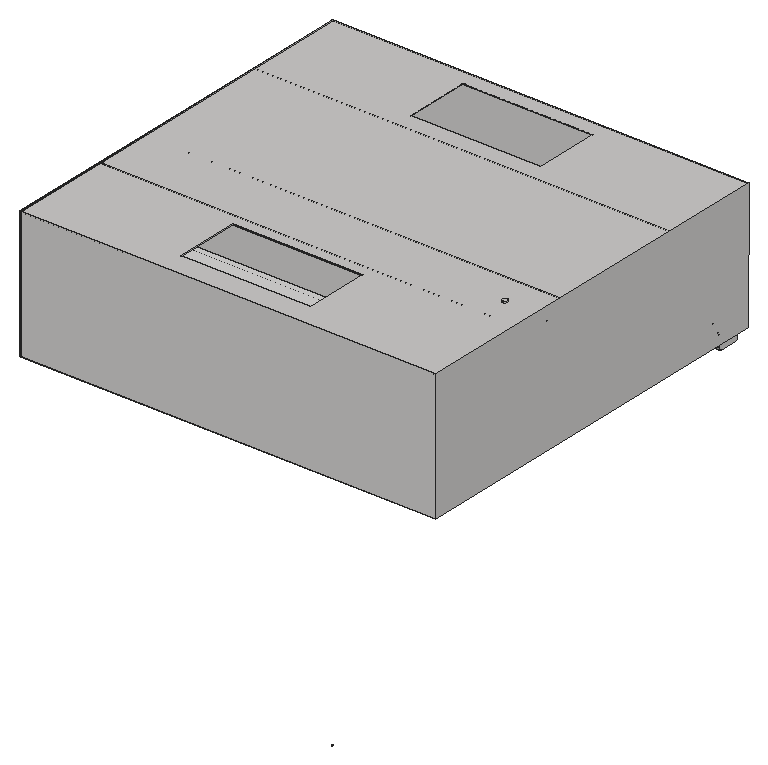
Revit family "QF_ELECTROLUXPROFESSIONAL_641258_STPF1516", category Attrezzature speciali, Revit 2021
Family settings
  Quota connettore circolare = Usa diametro
  Tipo di parte = Normale
  Basato su piano di lavoro = No
  Sempre verticale = Sì
  Taglio con vuoti quando caricato = No
  Condiviso = No
  Punto di calcolo locali = No
Parameters (values of type "Standard")
  Weight = 117.00 kg
  Watts = 160 W
  Volts = 220 V
  URL Manufacturer = "https://www.electroluxprofessional.com/"
  URL = "https://www.electroluxprofessional.com/"
  Steam Supply Size = 0 mm
  Steam Supply Minimum Pressure = 0.0 Pa
  Steam Supply Maximum Pressure = 0.0 Pa
  Steam Consumption per Hour = 0
  Refrigeration Suction Line Size = 0 mm
  Refrigeration Liquid Line Size = 0 mm
  Refrigerant Compressor Remote = yes
  Prospetto di default = 0 mm
  Produttore = "Electrolux Professional"
  Phase = 1
  Modello = "STPF1516"
  Length Actual = 1600 mm  # constant formula
  Item Number = "641258"
  Hot Water Size = 0 mm
  Height Actual = 500 mm  # constant formula
  HP = "0.2 HP"
  Gas Size = 0 mm
  Gas KW = 0
  Gas Input Pressure = 0 W
  Direct Waste Size = 0 mm
  Descrizione = "304 S/S WALL HOOD+FILTER+LAMPS 1600X1500"
  Depth Actual = 1500 mm  # constant formula
  Cycle = 50 Hz
  Condensate Return Size = 0 mm
  Compressed Air Volume = 0.0 L/s
  Compressed Air Size = 0 mm
  Compressed Air Pressure = 0.0 Pa
  Cold Water Size = 0 mm
  Accessory = yes
Reference planes
  plane 1: z = 0
  plane 2 "Center (Left/Right)": x = 150
  plane 3 "LEFT": x = -650
  plane 4 "RIGHT": x = 950
  plane 5 "BACK": y = 550
  plane 6 "TOP": z = 2500
  plane 7 "Base": z = 2000
  plane 8: z = 1955
  plane 9 "DrainY": y = 490
  plane 10: x = -647
  plane 11 "DrainX": x = 830
  plane 12 "AOLeft2": x = 400
  plane 13: x = 947
  plane 14: x = -450
  plane 15: x = 750
  plane 16 "Center (Front/Back)": y = -100
  plane 17 "Front": y = -950
  plane 18 "AOLeft1": x = -100
  plane 19: y = -864
  plane 20: y = -614
  plane 21: y = 240
  plane 22: y = 490
  plane 23 "EI_y": y = -470
  plane 24 "EIx": x = 830
Forms (mm)
  Extrusion 1, solid, material "QF_Finishes_Stainless Steel"
    sketch origin (-650, 0, 360) x (0, 1, 0) y (0, 0, 1)
      loop
        line (550, 1640) -> (550, 2140) -> (-950, 2140) -> (-950, 1640) -> (550, 1640)
    from 0 to 3
  Extrusion 2, solid, material "QF_Finishes_Stainless Steel"
    sketch origin (950, 0, 360) x (0, 1, 0) y (0, 0, 1)
      loop
        line (550, 1640) -> (550, 2140) -> (-950, 2140) -> (-950, 1640) -> (550, 1640)
    from 0 to -3
  Extrusion 3, solid, material "QF_Finishes_Stainless Steel"
    sketch origin (150, 0, 360) x (0, 1, 0) y (0, 0, 1)
      loop
        line (-950, 2140) -> (-950, 1640) -> (-940, 1640) -> (-940, 1640.8) -> (-949.2, 1640.8) -> (-949.2, 2139.19) -> (549.2, 2139.19) -> (549.2, 1640.8) -> (540, 1640.8) -> (540, 1640) -> (550, 1640) -> (550, 2140) -> (-950, 2140)
    from -800 to 800
  Extrusion 4, solid, material "QF_Finishes_Stainless Steel"
    sketch origin (0, 0, 2000) x (0, 1, 0) y (-1, 0, 0)
      loop
        circle (490, -830) r 4.763
    from -30 to 0
  Extrusion 5, void
    sketch origin (0, 0, 2500) x (0, 1, 0) y (-1, 0, 0)
      loop
        line (-614, -400) -> (-614, 100) -> (-864, 100) -> (-864, -400) -> (-614, -400)
    from 0 to -10
  Extrusion 6, solid, material "QF_Finishes_Stainless Steel"
    sketch origin (0, 0, 0) x (1, 0, 0) y (0, 1, 0)
      loop
        line (-650, 550) -> (-650, 549) -> (-649, 549) -> (-649, 550) -> (-650, 550)
    from 0 to 1
  Extrusion 7, solid, material "QF_LAMPS"
    sketch origin (150, 0, 360) x (0, 1, 0) y (0, 0, 1)
      loop
        line (-572.823, 1962.324) -> (-418.948, 2086.929) -> (-427.129, 2097.032) -> (-581.003, 1972.426) -> (-572.823, 1962.324)
    from 797 to -797
  Sweep 8, solid, material "QF_Finishes_Stainless Steel"
    path origin (0, 0, 0) x (1, 0, 0) y (0, 1, 0)
      loop
        line (950, 550) -> (-650, 550) -> (-650, -950) -> (950, -950) -> (950, 550)
    profile origin (950, -200, 0) x (1, 0, 0) y (0, 0, 1)
      loop
        line (-3, 2000) -> (-3, 2000.8) -> (-19, 2000.8) -> (-19, 2010) -> (-20, 2010) -> (-20, 2000) -> (-3, 2000)
  Extrusion 9, solid, material "QF_Finishes_Stainless Steel"
    sketch origin (150, 0, 0) x (0, 1, 0) y (0, 0, 1)
      loop
        line (414.66, 2095.469) -> (440.643, 2110.471) -> (261.744, 2411.771) -> (235.948, 2396.455) -> (414.66, 2095.469)
    from -797 to -600
  Extrusion 10, solid, material "QF_Finishes_Stainless Steel"
    sketch origin (830, 0, 0) x (0, 1, 0) y (0, 0, 1)
      loop
        line (539, 2000) -> (441, 2000) -> (441, 1989) -> (448.5, 1989) -> (448.5, 1965)
        arc (448.5, 1965) -> (451.429, 1957.929) -> (458.5, 1955) r 10
        line (458.5, 1955) -> (521.5, 1955)
        arc (521.5, 1955) -> (528.571, 1957.929) -> (531.5, 1965) r 10
        line (531.5, 1965) -> (531.5, 1989) -> (539, 1989) -> (539, 2000)
    from 90 to -90
  Extrusion 11, solid, material "QF_Finishes_Stainless Steel"
    sketch origin (150, 0, 0) x (0, 1, 0) y (0, 0, 1)
      loop
        line (414.66, 2095.469) -> (440.643, 2110.471) -> (261.744, 2411.771) -> (235.948, 2396.455) -> (414.66, 2095.469)
    from 600 to 797
  Extrusion 12, solid, material "QF_Finished_Chrome"
    sketch origin (150, 0, 0) x (0, 1, 0) y (0, 0, 1)
      loop
        line (414.66, 2095.469) -> (440.643, 2110.471) -> (261.744, 2411.771) -> (235.948, 2396.455) -> (414.66, 2095.469)
    from -600 to 600
  Extrusion 13, void
    sketch origin (0, 1180, 2500) x (0, 1, 0) y (-1, 0, 0)
      loop
        line (-690, -400) -> (-690, 100) -> (-940, 100) -> (-940, -400) -> (-690, -400)
    from 0 to -10
  Extrusion 14, solid, material "QF_Finishes_Stainless Steel"
    sketch origin (0, 0, 2500) x (0, 1, 0) y (-1, 0, 0)
      loop
        circle (-470, -830) r 10
    from 0 to 1.6
  Extrusion 15, solid, material "QF_Finishes_Stainless Steel"
    sketch origin (150, 0, 360) x (0, 1, 0) y (0, 0, 1)
      loop
        line (430.005, 1640) -> (540, 1640) -> (540, 1640.8) -> (430.467, 1640.8) -> (371.906, 1742.23) -> (414.858, 1734.657) -> (442.266, 1750.481) -> (442.266, 1765.943) -> (441.466, 1765.943) -> (441.466, 1750.943) -> (414.709, 1735.495) -> (321.153, 1751.991) -> (320.875, 1750.416) -> (371.4, 1741.507) -> (430.005, 1640)
      loop
        line (172.529, 2139.19) -> (242.893, 2017.316) -> (245.133, 2018.715) -> (240.13, 2027.381) -> (238.569, 2026.405) -> (173.453, 2139.19) -> (172.529, 2139.19)
    from -797 to 797
  Extrusion 16, solid, material "QF_Finishes_Stainless Steel"
    sketch origin (150, 200.8, 360) x (0, 1, 0) y (0, 0, 1)
      loop
        line (-1150, 2139.19) -> (-1150, 1640) -> (-1086.602, 1640) -> (-999.146, 1690.493) -> (-1010.058, 1709.394) -> (-1066.564, 1676.77) -> (-1114.704, 1680.982) -> (-1149.2, 1730.248) -> (-1149.2, 2139.19) -> (-1150, 2139.19)
      loop
        line (-773.6, 1961.694) -> (-781.937, 1971.99) -> (-769.095, 1982.182) -> (-769.095, 2139.19) -> (-769.895, 2139.19) -> (-769.895, 1982.569) -> (-1082.298, 1734.63) -> (-1071.091, 1720.79) -> (-773.6, 1961.694)
      loop
        line (-627.61, 2099.216) -> (-618.171, 2087.559) -> (-554.411, 2139.19) -> (-555.682, 2139.19) -> (-618.052, 2088.684) -> (-626.989, 2099.719) -> (-627.61, 2099.216)
    from -797 to 797
  Extrusion 17, solid, material "QF_Finishes_Stainless Steel"
    sketch origin (0, 0, 2500) x (0, 1, 0) y (-1, 0, 0)
      loop
        circle (-470, -830) r 10
    from 0 to 1.6
Cuts and joins
  Extrusion 5, Extrusion 13 cuts Extrusion 3
  joined: Extrusion 2, Extrusion 3, Sweep 8
Lines and regions (mm)
  symbolic lines, style "SpecialityEquipment", detail levels coarse
    curve 1: line (950, 550, 2500) -> (-650, 550, 2500)
    curve 2: line (-650, 550, 2500) -> (-650, -950, 2500)
    curve 3: line (950, -950, 2500) -> (950, 550, 2500)
    curve 4: line (-650, 550, 0) -> (950, -950, 0)
    curve 5: line (950, 550, 0) -> (-650, -950, 0)
    curve 6: line (-650, -950, 0) -> (950, -950, 0)
  symbolic lines, detail levels coarse
    curve 7: line (-100, 240, 2500) -> (400, 240, 2500)
    curve 8: line (-100, 490, 2500) -> (-100, 240, 2500)
    curve 9: line (400, 490, 2500) -> (-100, 490, 2500)
    curve 10: line (400, 240, 2500) -> (400, 490, 2500)
    curve 11: line (-100, -614, 2500) -> (400, -614, 2500)
    curve 12: line (-100, -864, 2500) -> (-100, -614, 2500)
    curve 13: line (400, -864, 2500) -> (-100, -864, 2500)
    curve 14: line (400, -614, 2500) -> (400, -864, 2500)
Dimensions and locks
  plane 3 "LEFT" to plane 4 "RIGHT" = 1600 mm
  equal spacing: plane 3 "LEFT", plane 2 "Center (Left/Right)", plane 4 "RIGHT"
  plane 7 "Base" to plane 8 = 45 mm
  plane 5 "BACK" to plane 9 "DrainY" = 60 mm  (x2)
  plane 3 "LEFT" to plane 10 = 3 mm
  plane 11 "DrainX" to plane 4 "RIGHT" = 120 mm
  plane 13 to plane 4 "RIGHT" = 3 mm
  plane 3 "LEFT" to plane 14 = 200 mm
  plane 15 to plane 4 "RIGHT" = 200 mm
  locked: plane 7 "Base" to level at 2000
  locked: plane 6 "TOP" to plane 7 "Base" at 500
  locked: plane 18 "AOLeft1" to plane 12 "AOLeft2" at 500
  locked: plane 20 to plane 19 at 250
  locked: plane 19 to plane 17 "Front" at 86
  locked: plane 22 to plane 21 at 250
  locked: plane 5 "BACK" to plane 22 at 60
  locked: plane 23 "EI_y" to plane 17 "Front" at 480
  locked: plane 24 "EIx" to plane 4 "RIGHT" at 120
  locked: plane 5 "BACK" to plane 17 "Front" at 1500
  plane 5 "BACK" to plane 17 "Front" = 1500 mm
  equal spacing: plane 18 "AOLeft1", plane 2 "Center (Left/Right)", plane 12 "AOLeft2"
  aligned and locked: level to plane 1
  aligned and locked: plane 4 "RIGHT" to Extrusion 3
  aligned and locked: Extrusion 3 to plane 3 "LEFT"
  aligned and locked: Extrusion 2 to plane 13
  aligned and locked: Extrusion 9 to plane 10
  aligned and locked: Extrusion 5 to plane 18 "AOLeft1"
  aligned and locked: Extrusion 5 to plane 12 "AOLeft2"
  aligned and locked: plane 14 to Extrusion 9
  aligned and locked: plane 15 to Extrusion 11
  aligned and locked: plane 13 to Extrusion 11
  aligned and locked: Extrusion 12 to plane 14
  aligned and locked: Extrusion 12 to plane 15
  aligned and locked: plane 13 to Extrusion 7
  aligned and locked: Extrusion 7 to plane 10
  aligned and locked: Extrusion 13 to plane 21
  aligned and locked: plane 22 to Extrusion 13
  aligned and locked: Extrusion 13 to plane 18 "AOLeft1"
  aligned and locked: Extrusion 13 to plane 12 "AOLeft2"
  aligned and locked: Extrusion 15 to plane 10
  aligned and locked: plane 13 to Extrusion 15
  aligned and locked: Extrusion 5 to plane 19
  aligned and locked: plane 20 to Extrusion 5
  aligned and locked: Extrusion 16 to plane 10
  aligned and locked: plane 13 to Extrusion 16
Automatic sketch dimensions
  curve 6 to plane 3 "LEFT" = 0 mm
  curve 4 to plane 3 "LEFT" = 0 mm
  curve 5 to plane 4 "RIGHT" = 0 mm
  curve 6 to plane 4 "RIGHT" = 0 mm
  curve 4 to plane 17 "Front" = 0 mm
  curve 5 to plane 5 "BACK" = 0 mm
  curve 4 to plane 5 "BACK" = 0 mm
  Extrusion 1 sketch curve to plane 7 "Base" = 0 mm
  Extrusion 1 sketch curve to plane 17 "Front" = 0 mm
  Extrusion 1 sketch curve to plane 5 "BACK" = 0 mm
  Extrusion 1 sketch curve to plane 6 "TOP" = 0 mm
  Extrusion 2 sketch curve to plane 7 "Base" = 0 mm
  Extrusion 2 sketch curve to plane 17 "Front" = 0 mm
  Extrusion 2 sketch curve to plane 5 "BACK" = 0 mm
  Extrusion 2 sketch curve to plane 6 "TOP" = 0 mm
  Extrusion 3 sketch curve to plane 6 "TOP" = 0 mm
  Extrusion 3 sketch curve to plane 17 "Front" = 0 mm
  Extrusion 3 sketch curve to plane 7 "Base" = 0 mm  (x2)
  Extrusion 3 sketch curve to plane 5 "BACK" = 0 mm
  plane 17 "Front" to Extrusion 3 sketch curve = 0.8 mm
  Extrusion 3 sketch curve to Extrusion 3 sketch curve = 9.2 mm
  plane 7 "Base" to Extrusion 3 sketch curve = 0.8 mm  (x2)
  Extrusion 3 sketch curve to plane 5 "BACK" = 10 mm
  Extrusion 3 sketch curve to plane 5 "BACK" = 0.8 mm
  Extrusion 3 sketch curve to plane 6 "TOP" = 0.81 mm
  Extrusion 4 sketch curve to plane 9 "DrainY" = 0 mm
  Extrusion 4 sketch curve to plane 11 "DrainX" = 0 mm
  Extrusion 5 sketch curve to plane 12 "AOLeft2" = 0 mm
  Extrusion 5 sketch curve to plane 19 = 0 mm
  Extrusion 5 sketch curve to plane 20 = 0 mm
  Extrusion 5 sketch curve to plane 18 "AOLeft1" = 0 mm
  Extrusion 6 sketch curve to plane 3 "LEFT" = 0 mm
  Extrusion 6 sketch curve to plane 5 "BACK" = 0 mm
  plane 3 "LEFT" to Extrusion 6 sketch curve = 1 mm
  Extrusion 6 sketch curve to Extrusion 6 sketch curve = 1 mm
  plane 20 to Extrusion 7 sketch curve = 32.997 mm
  Extrusion 7 sketch curve to Extrusion 7 sketch curve = 8.181 mm  (x2)
  plane 23 "EI_y" to Extrusion 7 sketch curve = 42.871 mm
  Extrusion 7 sketch curve to plane 6 "TOP" = 177.676 mm
  Extrusion 7 sketch curve to Extrusion 7 sketch curve = 10.102 mm
  Extrusion 7 sketch curve to plane 6 "TOP" = 53.071 mm
  Extrusion 7 sketch curve to Extrusion 7 sketch curve = 10.103 mm
  Sweep 8 sketch curve to plane 3 "LEFT" = 0 mm
  Sweep 8 sketch curve to plane 4 "RIGHT" = 0 mm
  Sweep 8 sketch curve to plane 17 "Front" = 0 mm
  Sweep 8 sketch curve to plane 5 "BACK" = 0 mm
  profile plane to Sweep 8 sketch curve = 20 mm
  Sweep 8 sketch curve to Sweep 8 sketch curve = 1 mm
  profile plane to Sweep 8 sketch curve = 3 mm
  level to Sweep 8 sketch curve = 2000 mm
  Sweep 8 sketch curve to Sweep 8 sketch curve = 0.8 mm
  Sweep 8 sketch curve to Sweep 8 sketch curve = 9.2 mm
  Extrusion 9 sketch curve to plane 21 = 4.052 mm
  plane 21 to Extrusion 9 sketch curve = 21.744 mm
  Extrusion 9 sketch curve to plane 9 "DrainY" = 75.34 mm
  Extrusion 9 sketch curve to Extrusion 9 sketch curve = 25.983 mm
  plane 7 "Base" to Extrusion 9 sketch curve = 95.469 mm
  Extrusion 9 sketch curve to Extrusion 9 sketch curve = 15.001 mm
  Extrusion 9 sketch curve to plane 6 "TOP" = 103.545 mm
  Extrusion 9 sketch curve to Extrusion 9 sketch curve = 15.316 mm
  Extrusion 10 sketch curve to plane 8 = 0 mm
  Extrusion 10 sketch curve to plane 7 "Base" = 11 mm  (x2)
  Extrusion 10 sketch curve to plane 9 "DrainY" = 49 mm
  Extrusion 10 sketch curve to Extrusion 10 sketch curve = 7.5 mm  (x2)
  Extrusion 10 sketch curve to Extrusion 10 sketch curve = 10 mm
  Extrusion 10 sketch curve to plane 5 "BACK" = 28.5 mm
  Extrusion 10 sketch curve to plane 5 "BACK" = 18.5 mm
  plane 7 "Base" to Extrusion 10 sketch curve = 0 mm
  Extrusion 11 sketch curve to plane 21 = 4.052 mm
  plane 21 to Extrusion 11 sketch curve = 21.744 mm
  Extrusion 11 sketch curve to plane 9 "DrainY" = 75.34 mm
  Extrusion 11 sketch curve to Extrusion 11 sketch curve = 25.983 mm
  plane 7 "Base" to Extrusion 11 sketch curve = 95.469 mm
  Extrusion 11 sketch curve to Extrusion 11 sketch curve = 15.001 mm
  Extrusion 11 sketch curve to plane 6 "TOP" = 103.545 mm
  Extrusion 11 sketch curve to Extrusion 11 sketch curve = 15.316 mm
  Extrusion 12 sketch curve to plane 21 = 4.052 mm
  plane 21 to Extrusion 12 sketch curve = 21.744 mm
  Extrusion 12 sketch curve to plane 9 "DrainY" = 75.34 mm
  Extrusion 12 sketch curve to Extrusion 12 sketch curve = 25.983 mm
  plane 7 "Base" to Extrusion 12 sketch curve = 95.469 mm
  Extrusion 12 sketch curve to Extrusion 12 sketch curve = 15.001 mm
  Extrusion 12 sketch curve to plane 6 "TOP" = 103.545 mm
  Extrusion 12 sketch curve to Extrusion 12 sketch curve = 15.316 mm
  Extrusion 13 sketch curve to plane 12 "AOLeft2" = 0 mm
  Extrusion 13 sketch curve to plane 21 = 0 mm
  Extrusion 13 sketch curve to plane 9 "DrainY" = 0 mm
  Extrusion 13 sketch curve to plane 18 "AOLeft1" = 0 mm
  Extrusion 14 sketch curve to plane 23 "EI_y" = 0 mm
  Extrusion 14 sketch curve to plane 24 "EIx" = 0 mm
  Extrusion 15 sketch curve to plane 7 "Base" = 0 mm
  Extrusion 15 sketch curve to plane 6 "TOP" = 0.81 mm
  Extrusion 15 sketch curve to plane 21 = 67.471 mm
  Extrusion 15 sketch curve to Extrusion 15 sketch curve = 0.924 mm
  Extrusion 15 sketch curve to plane 21 = 1.431 mm
  plane 21 to Extrusion 15 sketch curve = 0.13 mm
  plane 21 to Extrusion 15 sketch curve = 2.893 mm
  Extrusion 15 sketch curve to Extrusion 15 sketch curve = 2.24 mm
  plane 21 to Extrusion 15 sketch curve = 80.875 mm
  Extrusion 15 sketch curve to Extrusion 15 sketch curve = 0.278 mm
  Extrusion 15 sketch curve to Extrusion 15 sketch curve = 50.525 mm
  Extrusion 15 sketch curve to Extrusion 15 sketch curve = 0.506 mm
  Extrusion 15 sketch curve to Extrusion 15 sketch curve = 42.803 mm
  Extrusion 15 sketch curve to Extrusion 15 sketch curve = 0.148 mm
  Extrusion 15 sketch curve to plane 9 "DrainY" = 59.995 mm
  plane 7 "Base" to Extrusion 15 sketch curve = 0.8 mm
  Extrusion 15 sketch curve to Extrusion 15 sketch curve = 0.462 mm  (x2)
  Extrusion 15 sketch curve to Extrusion 15 sketch curve = 109.533 mm
  Extrusion 15 sketch curve to Extrusion 15 sketch curve = 26.757 mm
  Extrusion 15 sketch curve to Extrusion 15 sketch curve = 0.8 mm
  plane 7 "Base" to Extrusion 15 sketch curve = 94.657 mm
  Extrusion 15 sketch curve to Extrusion 15 sketch curve = 0.838 mm
  Extrusion 15 sketch curve to Extrusion 15 sketch curve = 6.012 mm
  Extrusion 15 sketch curve to Extrusion 15 sketch curve = 0.723 mm
  Extrusion 15 sketch curve to Extrusion 15 sketch curve = 14.986 mm
  Extrusion 15 sketch curve to Extrusion 15 sketch curve = 15 mm
  Extrusion 15 sketch curve to plane 6 "TOP" = 122.684 mm
  Extrusion 15 sketch curve to Extrusion 15 sketch curve = 1.399 mm
  Extrusion 15 sketch curve to Extrusion 15 sketch curve = 9.089 mm
  Extrusion 15 sketch curve to Extrusion 15 sketch curve = 0.975 mm
  Extrusion 16 sketch curve to plane 7 "Base" = 0 mm
  plane 17 "Front" to Extrusion 16 sketch curve = 0.8 mm
  Extrusion 16 sketch curve to Extrusion 16 sketch curve = 0.8 mm  (x2)
  plane 17 "Front" to Extrusion 16 sketch curve = 36.096 mm
  Extrusion 16 sketch curve to plane 19 = 21.802 mm
  Extrusion 16 sketch curve to plane 19 = 17.498 mm
  Extrusion 16 sketch curve to plane 19 = 6.291 mm
  Extrusion 16 sketch curve to plane 19 = 1.764 mm
  plane 19 to Extrusion 16 sketch curve = 54.742 mm
  Extrusion 16 sketch curve to Extrusion 16 sketch curve = 10.912 mm
  plane 20 to Extrusion 16 sketch curve = 32.863 mm
  Extrusion 16 sketch curve to Extrusion 16 sketch curve = 8.337 mm
  Extrusion 16 sketch curve to Extrusion 16 sketch curve = 12.042 mm
  plane 23 "EI_y" to Extrusion 16 sketch curve = 43.19 mm
  Extrusion 16 sketch curve to Extrusion 16 sketch curve = 0.622 mm
  Extrusion 16 sketch curve to Extrusion 16 sketch curve = 9.44 mm
  Extrusion 16 sketch curve to Extrusion 16 sketch curve = 0.118 mm
  Extrusion 16 sketch curve to plane 6 "TOP" = 0.81 mm  (x3)
  Extrusion 16 sketch curve to Extrusion 16 sketch curve = 62.37 mm
  Extrusion 16 sketch curve to Extrusion 16 sketch curve = 1.271 mm
  plane 7 "Base" to Extrusion 16 sketch curve = 36.77 mm
  plane 7 "Base" to Extrusion 16 sketch curve = 40.982 mm
  plane 7 "Base" to Extrusion 16 sketch curve = 50.493 mm
  Extrusion 16 sketch curve to Extrusion 16 sketch curve = 18.901 mm
  Extrusion 16 sketch curve to Extrusion 16 sketch curve = 44.02 mm
  Extrusion 16 sketch curve to Extrusion 16 sketch curve = 49.266 mm
  Extrusion 16 sketch curve to Extrusion 16 sketch curve = 13.84 mm
  Extrusion 16 sketch curve to plane 6 "TOP" = 178.306 mm
  Extrusion 16 sketch curve to Extrusion 16 sketch curve = 10.296 mm
  Extrusion 16 sketch curve to Extrusion 16 sketch curve = 10.192 mm
  Extrusion 16 sketch curve to Extrusion 16 sketch curve = 0.386 mm
  Extrusion 16 sketch curve to plane 6 "TOP" = 52.441 mm
  Extrusion 16 sketch curve to Extrusion 16 sketch curve = 1.125 mm
  Extrusion 17 sketch curve to plane 23 "EI_y" = 0 mm
  Extrusion 17 sketch curve to plane 24 "EIx" = 0 mm
  curve 2 to plane 3 "LEFT" = 0 mm
  curve 2 to plane 17 "Front" = 0 mm
  curve 3 to plane 4 "RIGHT" = 0 mm
  curve 3 to plane 17 "Front" = 0 mm
  curve 13 to plane 18 "AOLeft1" = 0 mm
  curve 13 to plane 19 = 0 mm
  curve 14 to plane 12 "AOLeft2" = 0 mm
  curve 14 to plane 20 = 0 mm
  curve 7 to plane 18 "AOLeft1" = 0 mm
  curve 7 to plane 21 = 0 mm
  curve 8 to plane 9 "DrainY" = 0 mm
  curve 2 to plane 5 "BACK" = 0 mm
  curve 10 to plane 12 "AOLeft2" = 0 mm
  radius of Extrusion 4 sketch curve = 4.763 mm
  radius of Extrusion 14 sketch curve = 10 mm
  radius of Extrusion 17 sketch curve = 10 mm
Connectors
  piping at (830, 490, 1970), diameter 9.5
    settings: on Extrusion 4, index 1, connector inside diameter 609.6 mm, connector length 0 mm, flow factor 0, pipe flow 0.0 L/s, pressure drop 0.0 Pa, fitting loss kfactor 0, connector angle 0.00°, fixture units 0, engagement length 0 mm, angle of deflection 0.00°, flow configuration 1, flow direction 2, fitting loss method 0, system type 16, joint type 0, gender type 0, connector reference index -1, connector utility 0, adjustable connector no, is connector primary yes, connector description "Drain"
  hvac at (150, -739, 2500)
    settings: on Extrusion 5, index 2, duct flow 0.0 L/s, flow factor 0, pres drop 0.0 Pa, loss coef 0, conn angle 0.00°, conn width 250 mm, conn height 500 mm, conn diameter 609.6 mm, duct sys type 1, conn prof type 1, flow config 1, flow direction 1, loss method 0, conn ref index -1, conn util no, is conn primary yes, conn desc "AIR INLET"
  hvac at (150, 365, 2500)
    settings: on Extrusion 13, index 4, duct flow 0.0 L/s, flow factor 0, pres drop 0.0 Pa, loss coef 0, conn angle 0.00°, conn width 250 mm, conn height 500 mm, conn diameter 609.6 mm, duct sys type 3, conn prof type 1, flow config 1, flow direction 2, loss method 0, conn ref index -1, conn util no, is conn primary no, conn desc "EXHAUST OUTLET"
  electrical at (830, -470, 2501.6), driven by "Volts"
    settings: on Extrusion 14, index 6, voltage 220 V, apparent load 0 VA, apparent load phase1 0 VA, apparent load phase2 0 VA, apparent load phase3 0 VA, power factor 1, load classification "Other", number of poles 1, system type 30, power factor state 1, is connector primary yes, connector utility no, sub classification motor no, connector description "Electrical Connection"
  electrical at (830, -470, 2501.6)
    settings: on Extrusion 17, index 12, voltage 0 V, apparent load 0 VA, apparent load phase1 0 VA, apparent load phase2 0 VA, apparent load phase3 0 VA, power factor 1, load classification "Other", number of poles 1, system type 30, power factor state 1, is connector primary no, connector utility no, sub classification motor no, connector description ""
